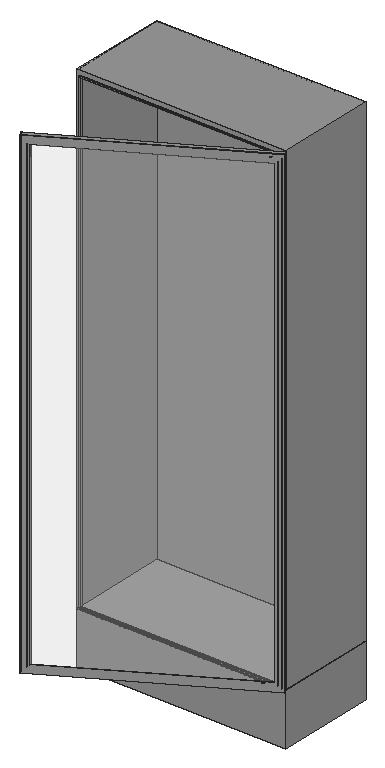
Revit family "Hager-Univers-IP55-D400-H2050-Cl.II-Steel_encl-NoHosted-PT-pt", category Electrical Equipment, Revit 2020
Family settings
  Panel Configuration = Two Columns, Circuits Across
  Round Connector Dimension = Use Diameter
  Part Type = Panelboard
  Work Plane-Based = Yes
  Always vertical = Yes
  Cut with Voids When Loaded = No
  Shared = No
  Room Calculation Point = No
Parameters (values of type "Instalação de piso IP55 L800 A2050 P400  - FR23U2")
  Width Control [instance] = if([EF000008 - Largura] > Min Width, [EF000008 - Largura], Min Width)  # 800 mm
  Type Comments = [HG000003 - Gama]  # "Univers"
  Thickness Door [instance] = if([EF009171 - Espessura do material da porta/tampa] > 3 mm, 3 mm, [EF009171 - Espessura do material da porta/tampa])  # 1.5 mm
  Seal Frame Offset [instance] = 17 mm  # constant formula
  Plinth Visibility [instance] = [HG000027 - Altura da Plinta] > 0 mm  # yes
  Min Width [instance] = 100 mm  # constant formula
  Min Depth [instance] = (2 * [EF009170 - Espessura do material do invólucro]) + 1 mm  # 4 mm
  Min Height [instance] = 100 mm  # constant formula
  Internal Frame Depth [instance] = (Door System Depth * 0.5)  # 9 mm
  Panel Name [instance] = ""  # (empty or 0)
  Model = ""
  HG000027 - Altura da Plinta = 200 mm
  HG000026 - Instalação no chão = yes
  HG000024 - Altura da secção inferior = 600 mm
  HG000023 - Recinto de secção dupla = no
  HG000016 - Visibilidade da porta 3D [instance] = yes
  HG000015 - Visibilidade através da porta [instance] = no
  HG000014 - Porta à direita [instance] = yes
  HG000013 - Porta à esquerda [instance] = not([HG000014 - Porta à direita])  # no
  HG000012 - Ângulo de abertura de porta [instance] = 30.00°
  HG000010 - Portas assimétricas = no
  HG000009 - Porta dupla = no
  HG000006 - Encastrado = no
  HG000004 - Referência do Fabricante = "FR23U2"
  HG000003 - Gama = "Univers"
  HG000002 - Com porta ou tampa = yes
  Frame Offset Bottom [instance] = 10 mm  # constant formula
  Frame Offset [instance] = 15 mm  # constant formula
  EF015940 - Tampa com libertação de sobrepressão = no
  EF011959 - Grau de proteção (NEMA) = ""
  EF009554 - Número de aberturas para placas de flange = 6
  EF009212 - Tipo de tampa = "EV000116 - Fechado"
  EF009171 - Espessura do material da porta/tampa = 1.5 mm
  EF009170 - Espessura do material do invólucro = 1.5 mm
  EF008873 - Corrente nominal (In) = 800 A
  EF007800 - Adequado para proteção contra raios = no
  EF006306 - Com fecho = no
  EF006244 - Tampa/porta transparente = yes
  EF005474 - Grau de proteção (IP) = "EV006420 - IP55"
  EF004464 - Tipo de porta = "EV002646 - Único"
  EF004427 - Número de módulos = 432
  EF004293 - Força de impacto = "EV008784 - IK10"
  EF003532 - Adequado para uso no exterior = no
  EF002950 - Largura em número de módulos = 24
  EF001613 - Integridade do circuito = "EV000494 - Nenhum"
  EF001596 - Material do corpo = "EV000179 - Aço"
  EF001131 - Profundidade interior = 400 mm
  EF001088 - Extensão possível = yes
  EF000437 - Número de entradas de condutores = 6
  EF000339 - Tipo de difusor = "EV004216 - Porta"
  EF000266 - Número de linhas = 12
  EF000218 - Profundidade incorporada = 0 mm
  EF000118 - Com tampa de montagem = no
  EF000116 - Número RAL = "7035"
  EF000049 - Profundidade = 400 mm
  EF000040 - Altura = 2050 mm
  EF000008 - Largura = 800 mm
  EF000007 - Cor = "EV000270 - Cinzento"
  EF000003 - Método de montagem = "EV012274 - Instalação de piso"
  Door System Leaf Tolerance [instance] = 1.5 mm  # constant formula
  Door System Depth [instance] = 18 mm  # constant formula
  Door Height [instance] = Height Control - [HG000027 - Altura da Plinta]  # 1850 mm
  Description = ""
  Default Elevation = 1219.2 mm
  Connector Offset [instance] = Height Control / 2  # 1025 mm
  Manufacturer = "Hager"  # constant formula
  Height Control [instance] = if([EF000040 - Altura] > Min Height, [EF000040 - Altura], Min Height)  # 2050 mm
  Depth Control [instance] = if([EF000049 - Profundidade] > Min Depth, [EF000049 - Profundidade], Min Depth)  # 400 mm
  Bottom Top Plate Trim [instance] = 1.5 mm  # constant formula
  Plinth height Ctrl [instance] = if([HG000027 - Altura da Plinta] > 0 mm, [HG000027 - Altura da Plinta], 12 mm)  # 200 mm
Types (11, lengths in mm): name | Width Control | HG000010 - Portas assimétricas | HG000009 - Porta dupla | HG000004 - Referência do Fabricante | EF009554 - Número de aberturas para placas de flange | EF006244 - Tampa/porta transparente | EF004464 - Tipo de porta | EF004427 - Número de módulos | EF000437 - Número de entradas de condutores | EF000008 - Largura
  Instalação de piso IP55 L1050 A2050 P400  - FR24H2 | 1050 | yes | yes | "FR24H2" | 8 | no | "EV003602 - Duplo" | 576 | 8 | 1050
  Instalação de piso IP55 L1050 A2050 P400  - FR24U2 | 1050 | yes | yes | "FR24U2" | 8 | yes | "EV003602 - Duplo" | 576 | 8 | 1050
  Instalação de piso IP55 L1300 A2050 P400  - FR25H2 | 1300 | yes | yes | "FR25H2" | 10 | no | "EV003602 - Duplo" | 720 | 10 | 1300
  Instalação de piso IP55 L1300 A2050 P400  - FR25U2 | 1300 | yes | yes | "FR25U2" | 10 | yes | "EV003602 - Duplo" | 720 | 10 | 1300
  Instalação de piso IP55 L1550 A2050 P400  - FR26H2 | 1550 | yes | yes | "FR26H2" | 12 | no | "EV003602 - Duplo" | 864 | 12 | 1550
  Instalação de piso IP55 L1550 A2050 P400  - FR26U2 | 1550 | yes | yes | "FR26U2" | 12 | yes | "EV003602 - Duplo" | 864 | 12 | 1550
  Instalação de piso IP55 L300 A2050 P400  - FR21H2 | 300 | no | no | "FR21H2" | 2 | no | "EV002646 - Único" | 144 | 2 | 300
  Instalação de piso IP55 L550 A2050 P400  - FR22H2 | 550 | no | no | "FR22H2" | 4 | no | "EV002646 - Único" | 288 | 4 | 550
  Instalação de piso IP55 L550 A2050 P400  - FR22U2 | 550 | no | no | "FR22U2" | 4 | yes | "EV002646 - Único" | 288 | 4 | 550
  Instalação de piso IP55 L800 A2050 P400  - FR23H2 | 800 | no | no | "FR23H2" | 6 | no | "EV002646 - Único" | 432 | 6 | 800
  Instalação de piso IP55 L800 A2050 P400  - FR23U2 | 800 | no | no | "FR23U2" | 6 | yes | "EV002646 - Único" | 432 | 6 | 800
Reference planes
  plane 1 "Center (Front/Back)": y = 0
  plane 2: z = 0
  plane 3 "Center (Left/Right)": x = 0
  plane 4: y = 0
  plane 5: y = 0
  plane 6: z = 0
  plane 7: x = -400
  plane 8: x = 400
  plane 9: x = 398.5
  plane 10: x = -398.5
  plane 11: z = 200
  plane 12: z = 201.5
  plane 13: y = -400
  plane 14: y = -1.5
  plane 15: x = 0
  plane 16: y = -382
  plane 17: y = -398.5
  plane 18: y = -380.5
  plane 19: x = -383.5
  plane 20: x = 383.5
  plane 21: z = 211.5
  plane 22: x = -383
  plane 23: x = 383
  plane 24: z = 200
  plane 25: z = 2050
  plane 26: z = 2050
  plane 27: z = 2033.5
  plane 28: z = 2048.5
Forms (mm)
  Extrusion 1, solid, material "Hager_Steel_RAL7035_Light_Grey", detail levels medium+fine
    sketch origin (-208.679, -4572, 200) x (-1, 0, 0) y (0, -1, 0)
      loop
        line (191.321, -4190) -> (-608.679, -4190) -> (-608.679, -4572) -> (191.321, -4572) -> (191.321, -4190)
    from 0 to 1850
  Extrusion 2, void
    sketch origin (-350.771, -400, 1219.2) x (1, 0, 0) y (0, 0, 1)
      loop
        line (-47.729, 829.3) -> (-47.729, -1017.7) -> (749.271, -1017.7) -> (749.271, 829.3) -> (-47.729, 829.3)
    from -19.5 to -398.5
  Extrusion 3, void
    sketch origin (-290.084, -382, 1219.2) x (1, 0, 0) y (0, 0, 1)
      loop
        line (-93.416, -1007.7) -> (673.584, -1007.7) -> (673.584, 814.3) -> (-93.416, 814.3) -> (-93.416, -1007.7)
    from 0 to -1.5
  Extrusion 4, solid, material "Hager_Steel_RAL7035_Light_Grey", visible <- "Plinth Visibility", detail levels medium+fine
    sketch origin (0, 0, 0) x (1, 0, 0) y (0, 1, 0)
      loop
        line (-400, 0) -> (-400, -382) -> (400, -382) -> (400, 0) -> (-400, 0)
    from 0 to 200 <- "Plinth height Ctrl"
  Extrusion 5, solid, material "Hager_Steel_RAL7035_Light_Grey", detail levels coarse
    sketch origin (0, 0, 0) x (1, 0, 0) y (0, 1, 0)
      loop
        line (-400, 0) -> (-400, -400) -> (400, -400) -> (400, 0) -> (-400, 0)
    from 0 to 2050 <- "Height Control"
  Sweep 6, void
    path in 3D
      loop
        line (-400, -382, 200) -> (400, -382, 200) -> (400, 0, 200) -> (-400, 0, 200) -> (-400, -382, 200)
    profile origin (-400, -191, 200) x (1, 0, 0) y (0, 0, 1)
      loop
        line (0, 0) -> (0, -1.5) -> (1.5, -1.5)
        arc (1.5, -1.5) -> (1.061, -0.439) -> (0, 0) r 1.5
  Extrusion 7, solid, material "Hager_Steel_RAL7035_Light_Grey", detail levels fine
    sketch origin (-400, -382, 200) x (1, 0, 0) y (0, 0, 1)
      loop
        line (16.5, 11.5) -> (783.5, 11.5) -> (783.5, 1833.5) -> (16.5, 1833.5) -> (16.5, 11.5)
      loop
        line (15, 10) -> (785, 10) -> (785, 1835) -> (15, 1835) -> (15, 10)
    from 0 to 9 <- "Internal Frame Depth"
Cuts and joins
  Extrusion 2, Extrusion 3 cuts Extrusion 1
  Sweep 6 cuts Extrusion 4
Lines and regions (mm)
  Masking region 1
    outline origin (0, 0, 0) x (1, 0, 0) y (0, 1, 0)
      loop
        line (-400, 0) -> (-400, -400) -> (400, -400) -> (400, 0) -> (-400, 0)
  Masking region 2, detail levels coarse
    outline origin (-290.084, -382, 1219.2) x (-1, 0, 0) y (0, 0, 1)
      loop
        line (-690.084, -1219.2) -> (109.916, -1219.2) -> (109.916, 830.8) -> (-690.084, 830.8) -> (-690.084, -1219.2)
  Masking region 3, detail levels coarse
    outline origin (0, 0, 0) x (0, 1, 0) y (0, 0, 1)
      loop
        line (0, 0) -> (0, 2050) -> (-400, 2050) -> (-400, 0) -> (0, 0)
  Masking region 4, visible <- "Plinth Visibility", detail levels medium+fine
    outline origin (0, 0, 0) x (0, 1, 0) y (0, 0, 1)
      loop
        line (-1.5, 200) -> (-380.5, 200)
        arc (-380.5, 200) -> (-380.939, 198.939) -> (-382, 198.5) r 1.5
        line (-382, 198.5) -> (-382, 0) -> (0, 0) -> (0, 198.5)
        arc (0, 198.5) -> (-1.061, 198.939) -> (-1.5, 200) r 1.5
  Masking region 5, detail levels medium+fine
    outline origin (0, 0, 594.038) x (0, 1, 0) y (0, 0, 1)
      loop
        line (0, -394.038) -> (0, 1455.962) -> (-382, 1455.962) -> (-382, -394.038) -> (0, -394.038)
  Masking region 6, detail levels medium+fine
    outline origin (-359.7, -382, 1211.883) x (-1, 0, 0) y (0, 0, 1)
      loop
        line (-759.7, -1011.883) -> (40.3, -1011.883) -> (40.3, 838.117) -> (-759.7, 838.117) -> (-759.7, -1011.883)
  Masking region 7, visible <- "Plinth Visibility", detail levels medium+fine
    outline origin (-320.334, -382, 1041.368) x (-1, 0, 0) y (0, 0, 1)
      loop
        line (-720.334, -1041.368) -> (79.666, -1041.368) -> (79.666, -842.868)
        arc (79.666, -842.868) -> (78.606, -842.429) -> (78.166, -841.368) r 1.5
        line (78.166, -841.368) -> (-718.834, -841.368)
        arc (-718.834, -841.368) -> (-719.273, -842.429) -> (-720.334, -842.868) r 1.5
        line (-720.334, -842.868) -> (-720.334, -1041.368)
  sketch lines
    curve 1: line (-400, 0, 200) -> (-400, -382, 200)
    curve 2: line (-400, -382, 200) -> (400, -382, 200)
    curve 3: line (400, 0, 200) -> (-400, 0, 200)
    curve 4: line (400, -382, 200) -> (400, 0, 200)
Dimensions and locks
  locked: plane 1 "Center (Front/Back)" to plane 5
  "EF009170 - Espessura do material do invólucro": plane 7 to plane 10
  "EF009170 - Espessura do material do invólucro": plane 8 to plane 9
  equal spacing: plane 7, plane 3 "Center (Left/Right)", plane 8
  "Width Control": plane 7 to plane 8
  "Depth Control": plane 4 to plane 13
  "EF009170 - Espessura do material do invólucro": plane 4 to plane 14
  "Height Control": plane 25 to level
  "HG000027 - Altura da Plinta": plane 11 to level
  "EF009170 - Espessura do material do invólucro": plane 12 to plane 11
  "EF009170 - Espessura do material do invólucro": plane 17 to plane 13
  "EF009170 - Espessura do material do invólucro": plane 18 to plane 16
  "Frame Offset Bottom": plane 21 to plane 12
  "Frame Offset": plane 10 to plane 19
  "Frame Offset": plane 9 to plane 20
  "Door System Depth": plane 16 to plane 13
  "Seal Frame Offset": plane 7 to plane 22
  "Seal Frame Offset": plane 8 to plane 23
  "EF009170 - Espessura do material do invólucro": plane 26 to plane 28
  "Frame Offset": plane 28 to plane 27
  "Connector Offset": plane 2 to connector elem
  "Bottom Top Plate Trim": profile plane to Sweep 6 sketch curve
  "Bottom Top Plate Trim": Sweep 6 sketch curve to Sweep 6 sketch curve
  "Plinth height Ctrl": Masking region 4 sketch curve to level
  "Plinth height Ctrl": Masking region 7 sketch curve to level
  "Thickness Door": Extrusion 7 sketch curve to Extrusion 7 sketch curve  (x4)
  "Bottom Top Plate Trim": radius of Sweep 6 sketch curve
  "Bottom Top Plate Trim": radius of Masking region 4 sketch curve  (x2)
  "Bottom Top Plate Trim": radius of Masking region 7 sketch curve  (x2)
  aligned and locked: Extrusion 2 sketch curve to plane 12
  aligned and locked: Extrusion 2 sketch curve to plane 9
  aligned and locked: Extrusion 2 sketch curve to plane 10
  aligned and locked: Extrusion 2 to plane 14
  aligned and locked: Extrusion 1 sketch curve to plane 4
  aligned and locked: plane 8 to Extrusion 1 sketch curve
  aligned and locked: plane 7 to Extrusion 1 sketch curve
  aligned and locked: Extrusion 2 to plane 18
  aligned and locked: Extrusion 3 sketch curve to plane 19
  aligned and locked: plane 20 to Extrusion 3 sketch curve
  aligned and locked: Extrusion 3 to Extrusion 2
  aligned and locked: Extrusion 3 sketch curve to plane 21
  aligned and locked: plane 3 "Center (Left/Right)" to nested 1
  aligned and locked: Extrusion 1 sketch curve to plane 16
  aligned and locked: Extrusion 4 sketch curve to cut or joined group of Extrusion 1, Extrusion 2, Extrusion 3
  aligned and locked: Masking region 1 sketch curve to plane 7
  aligned and locked: Masking region 1 sketch curve to plane 5
  aligned and locked: Masking region 1 sketch curve to plane 8
  aligned and locked: Masking region 2 sketch curve to level
  aligned and locked: level to Masking region 3 sketch curve
  aligned and locked: plane 1 "Center (Front/Back)" to Masking region 3 sketch curve
  aligned and locked: plane 13 to Masking region 3 sketch curve
  aligned and locked: plane 5 to Masking region 4 sketch curve
  aligned and locked: Masking region 2 sketch curve to plane 8
  aligned and locked: Masking region 2 sketch curve to plane 7
  aligned and locked: plane 7 to nested 2
  aligned and locked: nested 2 to plane 5
  aligned and locked: plane 5 to Masking region 5 sketch curve
  aligned and locked: plane 26 to Masking region 5 sketch curve
  aligned and locked: Extrusion 5 sketch curve to plane 8
  aligned and locked: Extrusion 5 sketch curve to plane 7
  aligned and locked: Extrusion 5 sketch curve to plane 5
  aligned and locked: Extrusion 3 sketch curve to plane 27
  aligned and locked: Extrusion 2 sketch curve to plane 28
  aligned and locked: Masking region 2 to plane 25
  aligned and locked: Extrusion 4 to plane 16
  aligned and locked: profile plane to Sweep 6 sketch curve
  aligned and locked: Masking region 5 sketch curve to plane 24
  aligned and locked: level to Masking region 4 sketch curve
  aligned and locked: Masking region 1 to plane 13
  aligned and locked: nested 1 to plane 16
  aligned and locked: Masking region 3 to plane 25
  aligned and locked: plane 16 to Masking region 4 sketch curve
  aligned and locked: Masking region 5 sketch curve to plane 16
  aligned and locked: plane 24 to plane 11
  aligned and locked: plane 26 to plane 25
  aligned and locked: plane 26 to cut or joined group of Extrusion 1, Extrusion 2, Extrusion 3
  aligned and locked: nested 1 to plane 24
  aligned and locked: Extrusion 1 to Extrusion 3
  aligned and locked: Masking region 6 sketch curve to plane 8
  aligned and locked: Masking region 6 sketch curve to plane 24
  aligned and locked: Masking region 6 sketch curve to plane 7
  aligned and locked: Masking region 6 sketch curve to plane 26
  aligned and locked: Masking region 7 sketch curve to plane 7
  aligned and locked: level to Masking region 7 sketch curve
  aligned and locked: Masking region 7 sketch curve to plane 8
  aligned and locked: Extrusion 7 sketch curve to cut or joined group of Extrusion 1, Extrusion 2, Extrusion 3  (x4)
Automatic sketch dimensions
  plane 19 to Extrusion 3 sketch curve = 0 mm
  Extrusion 3 sketch curve to plane 20 = 0 mm
  Extrusion 3 sketch curve to plane 21 = 0 mm
  Extrusion 4 sketch curve to plane 7 = 0 mm
  Extrusion 4 sketch curve to plane 8 = 0 mm
  Extrusion 4 sketch curve to plane 16 = 0 mm
  Masking region 1 sketch curve to plane 13 = 0 mm
  Masking region 2 sketch curve to plane 25 = 0 mm
  Masking region 3 sketch curve to plane 25 = 0 mm
  Extrusion 5 sketch curve to plane 13 = 0 mm
  profile plane to Sweep 6 sketch curve = 0 mm
Nested families
  nested 1: "EC000058_Univers_Door" at (0, -382, 200), Double <- "HG000009 - Porta dupla", Transparent <- "EF006244 - Tampa/porta transparente", Angle <- "HG000012 - Ângulo de abertura de porta", Door_Right <- "HG000014 - Porta à direita", Assymetrical <- "HG000010 - Portas assimétricas", Door <- "HG000002 - Com porta ou tampa", Width_Ctrl <- "Width Control", 3d_Door <- "HG000016 - Visibilidade da porta 3D", Clearance <- "HG000015 - Visibilidade através da porta", Door_Left <- "HG000013 - Porta à esquerda", Width <- "Width Control", Door_Depth <- "Door System Depth", Leaf_Tolerance <- "Door System Leaf Tolerance", Height <- "Door Height", Lock_Visibility <- "EF006306 - Com fecho", Thickness <- "Thickness Door", type "EC000058_Univers_Door", detail levels medium+fine
    with min_wh 4 mm, Width_Ctrl 800 mm, Width 800 mm, Transparent yes, Thickness 1.5 mm, Seal_Material Hager_Rubber, Lock_Visibility no, Lock_Material Hager_Plastic_RAL9005_Jet_Black, Leaf_Width 800 mm, Leaf_Tolerance_External_Sides 0 mm, Leaf_Tolerance 1.5 mm, Leaf_Offset 0 mm, Leaf_Height 1847 mm, Leaf_2_Width 800 mm, Leaf_2_Offset 400 mm, Leaf_1_Width 800 mm, Leaf_1_Offset 400 mm, Height_Ctrl 1850 mm, Height 1850 mm, Glass_Material Hager_Glass, Double_Clearance_Ctrl no, Double no, Door_Right_Ctrl yes, Door_Right yes, Door_Material Hager_Steel_RAL7035_Light_Grey, Door_Left_Ctrl no, Door_Left no, Door_Depth 18 mm, Door yes, Clearance_Material Hager_Clearance, Clearance_Depth 800 mm, Clearance_Ctrl no, Clearance no, Assymetrical no, Angle 30.00°, 3d_Door yes
  nested 2: "Hager_Enclosure_Symbol" at (-400, 0, 0), Height <- "Depth Control", Width <- "Width Control", type "Hager_Enclosure_Symbol"
    with Width_Ctrl 800 mm, Width 800 mm, Height_Ctrl 400 mm, Height 400 mm, A_Width_Int 26.25 mm, A_Width 315 mm, A_Height_Ctrl 350 mm, A_Height 350 mm
Connectors
  electrical at (0, 0, 1025)
    settings: on plane 1 "Center (Front/Back)", index 1, voltage 0 V, apparent load 0 VA, apparent load phase1 0 VA, apparent load phase2 0 VA, apparent load phase3 0 VA, power factor 1, load classification "Other", number of poles 1, system type 30, power factor state 1, is connector primary yes, connector utility no, sub classification motor no, connector description ""
Definition of nested family "EC000058_Univers_Door"
  Parameters (values of type "EC000058_Univers_Door")
    min_wh [instance] = (2 * Thickness) + 1 mm  # 11 mm
    Width_Ctrl [instance] = 400 mm
    Width [instance] = 500 mm
    Transparent [instance] = yes
    Thickness [instance] = 5 mm
    Seal_Material [instance] = none
    Lock_Visibility [instance] = yes
    Lock_Material [instance] = none
    Leaf_Width [instance] = if((Width_Ctrl - 2 * Leaf_Tolerance_External_Sides) > 0 mm, (Width_Ctrl - 2 * Leaf_Tolerance_External_Sides), min_wh)  # 400 mm
    Leaf_Tolerance_External_Sides [instance] = 0 mm  # constant formula
    Leaf_Tolerance [instance] = 1.5 mm
    Leaf_Offset [instance] = 0 mm  # constant formula
    Leaf_Height [instance] = if((Height_Ctrl - 2 * Leaf_Tolerance) > 0 mm, (Height_Ctrl - 2 * Leaf_Tolerance), min_wh)  # 497 mm
    Leaf_2_Width [instance] = if(and(and(Double, Assymetrical), Door_Left), (Leaf_Width / 3) - (Leaf_Tolerance / 2), if(and(and(Double, Assymetrical), Door_Right), (Leaf_Width / 3) * 2 - (Leaf_Tolerance / 2), if(and(Double, not(Assymetrical)), (Leaf_Width / 2) - Leaf_Tolerance, Leaf_Width)))  # 400 mm
    Leaf_2_Offset [instance] = if(and(Double, Assymetrical), Leaf_2_Width / 2, if(and(Double, not(Assymetrical)), Leaf_Width / 4, Leaf_Width / 2))  # 200 mm
    Leaf_1_Width [instance] = if(and(and(Double, Assymetrical), Door_Right), (Leaf_Width / 3) - (Leaf_Tolerance / 2), if(and(and(Double, Assymetrical), Door_Left), (Width / 3) * 2 - (Leaf_Tolerance / 2), if(and(Double, not(Assymetrical)), (Leaf_Width / 2) - Leaf_Tolerance, Leaf_Width)))  # 400 mm
    Leaf_1_Offset [instance] = if(and(Double, Assymetrical), Leaf_1_Width / 2, if(and(Double, not(Assymetrical)), Leaf_Width / 4, Leaf_Width / 2))  # 200 mm
    Height_Ctrl [instance] = if(Height > min_wh, Height, min_wh)  # 500 mm
    Height [instance] = 500 mm
    Glass_Material [instance] = none
    Double_Clearance_Ctrl [instance] = and(Double, Clearance)  # no
    Double [instance] = no
    Door_Right_Ctrl [instance] = and(or(Door_Right, Double), Door)  # yes
    Door_Right [instance] = yes
    Door_Material [instance] = none
    Door_Left_Ctrl [instance] = and(or(Door_Left, Double), Door)  # no
    Door_Left [instance] = no
    Door_Depth [instance] = 30 mm
    Door [instance] = yes
    Default Elevation = 1219.2 mm
    Clearance_Material [instance] = none
    Clearance_Depth [instance] = if(Leaf_1_Width > Leaf_2_Width, Leaf_1_Width, Leaf_2_Width)  # 400 mm
    Clearance_Ctrl [instance] = and(not(Double), Clearance)  # yes
    Clearance [instance] = yes
    Assymetrical [instance] = yes
    Angle [instance] = 30.00°
    3d_Door [instance] = yes
  Reference planes
    plane 1 "Center (Front/Back)": y = 0
    plane 2 "Bottom": z = 0
    plane 3 "Center (Left/Right)": x = 0
    plane 4: z = 500
    plane 5: x = -200
    plane 6: x = 200
    plane 7: z = 500
    plane 8: x = -200
    plane 9: z = 0
    plane 10: x = 200
    plane 11: y = 0
    plane 12: z = 1.5
    plane 13: x = -600
    plane 14: y = -400
    plane 15: x = 600
    plane 16: x = 0
    plane 17: x = 0
    plane 18: x = -200
    plane 19: x = 200
    plane 20: z = 498.5
  Forms (mm)
    Extrusion 1, solid, material <- "Clearance_Material", visible <- "Double_Clearance_Ctrl"
      sketch origin (1200, 0, 0) x (1, 0, 0) y (0, 0, -1)
        loop
          line (-1800, -498.5) -> (-600, -498.5) -> (-600, 0) -> (-1800, 0) -> (-1800, -498.5)
      from 0 to -400
  Dimensions and locks
    equal spacing: plane 5, plane 3 "Center (Left/Right)", plane 6
    "Width_Ctrl": plane 5 to plane 6
    "Leaf_Offset": plane 5 to plane 8
    "Leaf_Offset": plane 6 to plane 10
    "Leaf_Offset": plane 9 to level
    "Leaf_Offset": plane 4 to plane 7
    "Height_Ctrl": plane 4 to level
    "Leaf_Tolerance": plane 12 to plane 9
    locked: plane 11 to plane 1 "Center (Front/Back)"
    "Leaf_1_Offset": plane 18 to plane 16
    "Leaf_2_Offset": plane 17 to plane 19
    "Leaf_1_Width": plane 13 to plane 8
    "Leaf_2_Width": plane 10 to plane 15
    "Clearance_Depth": plane 14 to plane 1 "Center (Front/Back)"
    "Leaf_Tolerance_External_Sides": plane 8 to plane 18
    "Leaf_Tolerance_External_Sides": plane 19 to plane 10
    "Leaf_Tolerance": plane 7 to plane 20
    aligned and locked: level to plane 2 "Bottom"
    aligned and locked: nested 1 to plane 16
    aligned and locked: nested 2 to plane 17
    aligned and locked: Extrusion 1 to plane 13
    aligned and locked: plane 15 to Extrusion 1
    aligned and locked: Extrusion 1 to plane 14
    aligned and locked: plane 12 to nested 1
    aligned and locked: nested 2 to plane 12
    aligned and locked: Extrusion 1 to plane 11
    aligned and locked: plane 20 to Extrusion 1
    aligned and locked: nested 2 to plane 11
    aligned and locked: nested 1 to plane 11
  Automatic sketch dimensions
    Extrusion 1 sketch curve to level = 0 mm
    plane 5 to Extrusion 1 sketch curve = 400 mm
    plane 6 to Extrusion 1 sketch curve = 400 mm
    Extrusion 1 sketch curve to plane 4 = 1.5 mm
  Nested families
    nested 1: "EC000058_Univers_Door_Leaf" at (0, 0, 1.5), Width <- "Leaf_1_Width", visible <- "Door_Left_Ctrl", Leaf_Height <- "Leaf_Height", Angle <- "Angle", 3d_Door <- "3d_Door", Transparent <- "Transparent", Clearance Material <- "Clearance_Material", Clearance <- "Clearance_Ctrl", Door_Material <- "Door_Material", Glass_Material <- "Glass_Material", Door_Depth <- "Door_Depth", Lock_Material <- "Lock_Material", Seal_Material <- "Seal_Material", Lock_Visibility <- "Lock_Visibility", Thickness <- "Thickness", type "EC000058_Univers_Door_Leaf"
      with Width 400 mm, Transparent_Glass_Offset 30 mm, Transparent_Ctrl yes, Transparent yes, Thickness 5 mm, Standard no, Seal_Material none, Seal_D2 8 mm, Seal_D1 1 mm, Offset_Internal_Frame 10 mm, Lock_Width 20 mm, Lock_Visibility_3d yes, Lock_Visibility yes, Lock_Thickness_3 3 mm, Lock_Thickness_2 1 mm, Lock_Thickness_1 3 mm, Lock_Radius_Offset_2 16 mm, Lock_Radius_Offset_1 15 mm, Lock_Radius_2 5 mm, Lock_Radius 6 mm, Lock_Offset 5 mm, Lock_Material none, Lock_Height 80 mm, Lock_Cover_Top_Offset_2d 17 mm, Lock_Cover_Height -65 mm, Leaf_Height 497 mm, Internal_Seal_Thickness 8 mm, Internal_Seal_Depth_2 4.5 mm, Internal_Frame_Depth 25 mm, Glass_Thickness -1 mm, Glass_Offset -2 mm, Glass_Material none, Door_Material none, Door_Depth 30 mm, Clearance Material none, Clearance yes, Angle_Ctrl 30.00°, Angle 30.00°, 3d_Door yes
    nested 2: "EC000058_Univers_Door_Leaf" at (0, 0, 1.5) x (-1, 0, 0) z (0, 0, 1), Width <- "Leaf_2_Width", visible <- "Door_Right_Ctrl", Leaf_Height <- "Leaf_Height", Angle <- "Angle", 3d_Door <- "3d_Door", Transparent <- "Transparent", Clearance Material <- "Clearance_Material", Clearance <- "Clearance_Ctrl", Door_Material <- "Door_Material", Glass_Material <- "Glass_Material", Door_Depth <- "Door_Depth", Lock_Material <- "Lock_Material", Seal_Material <- "Seal_Material", Lock_Visibility <- "Lock_Visibility", Thickness <- "Thickness", type "EC000058_Univers_Door_Leaf"
      with Width 400 mm, Transparent_Glass_Offset 30 mm, Transparent_Ctrl yes, Transparent yes, Thickness 5 mm, Standard no, Seal_Material none, Seal_D2 8 mm, Seal_D1 1 mm, Offset_Internal_Frame 10 mm, Lock_Width 20 mm, Lock_Visibility_3d yes, Lock_Visibility yes, Lock_Thickness_3 3 mm, Lock_Thickness_2 1 mm, Lock_Thickness_1 3 mm, Lock_Radius_Offset_2 16 mm, Lock_Radius_Offset_1 15 mm, Lock_Radius_2 5 mm, Lock_Radius 6 mm, Lock_Offset 5 mm, Lock_Material none, Lock_Height 80 mm, Lock_Cover_Top_Offset_2d 17 mm, Lock_Cover_Height -65 mm, Leaf_Height 497 mm, Internal_Seal_Thickness 8 mm, Internal_Seal_Depth_2 4.5 mm, Internal_Frame_Depth 25 mm, Glass_Thickness -1 mm, Glass_Offset -2 mm, Glass_Material none, Door_Material none, Door_Depth 30 mm, Clearance Material none, Clearance yes, Angle_Ctrl 30.00°, Angle 30.00°, 3d_Door yes
  Definition of nested family "EC000058_Univers_Door_Leaf"
    Parameters (values of type "EC000058_Univers_Door_Leaf")
      Width [instance] = 2000 mm
      Transparent_Glass_Offset [instance] = 30 mm
      Transparent_Ctrl [instance] = and(Transparent, [3d_Door])  # yes
      Transparent [instance] = yes
      Thickness [instance] = 5 mm
      Standard [instance] = and(not(Transparent), [3d_Door])  # no
      Seal_Material [instance] = none
      Seal_D2 [instance] = 8 mm  # constant formula
      Seal_D1 [instance] = 1 mm  # constant formula
      Offset_Internal_Frame [instance] = 10 mm  # constant formula
      Lock_Width [instance] = 20 mm  # constant formula
      Lock_Visibility_3d [instance] = and(Lock_Visibility, [3d_Door])  # yes
      Lock_Visibility [instance] = yes
      Lock_Thickness_3 [instance] = 3 mm  # constant formula
      Lock_Thickness_2 [instance] = 1 mm  # constant formula
      Lock_Thickness_1 [instance] = 3 mm  # constant formula
      Lock_Radius_Offset_2 [instance] = Lock_Radius_Offset_1 + 1 mm  # 16 mm
      Lock_Radius_Offset_1 [instance] = 15 mm  # constant formula
      Lock_Radius_2 [instance] = Lock_Radius - 1 mm  # 5 mm
      Lock_Radius [instance] = 6 mm  # constant formula
      Lock_Offset [instance] = 5 mm  # constant formula
      Lock_Material [instance] = none
      Lock_Height [instance] = 80 mm  # constant formula
      Lock_Cover_Top_Offset_2d [instance] = Lock_Radius_Offset_2 + 1 mm  # 17 mm
      Lock_Cover_Height [instance] = -(Lock_Height - Lock_Radius_Offset_1)  # -65 mm
      Leaf_Height [instance] = 2720.336 mm
      Internal_Seal_Thickness [instance] = 8 mm  # constant formula
      Internal_Seal_Depth_2 [instance] = 4.5 mm  # constant formula
      Internal_Frame_Depth [instance] = if(Door_Depth - Thickness > 5 mm, Door_Depth - Thickness, 5 mm)  # 25 mm
      Glass_Thickness [instance] = if(Thickness > 15 mm, Glass_Offset + 10 mm, -1 mm)  # -1 mm
      Glass_Offset [instance] = if(Thickness > 15 mm, -(Thickness + 10 mm) / 2, -2 mm)  # -2 mm
      Glass_Material [instance] = none
      Door_Material [instance] = none
      Door_Depth [instance] = 30 mm
      Default Elevation = 0 mm
      Clearance Material [instance] = none
      Clearance [instance] = yes
      Angle_Ctrl [instance] = if(Angle > 180.00°, 180.00°, Angle)  # 90.00°
      Angle [instance] = 90.00°
      3d_Door [instance] = yes
    Reference planes
      plane 1 "Center (Front/Back)": y = 0
      plane 2: z = 0
      plane 3 "Center (Left/Right)": x = 0
      plane 4: y = 2000
      plane 5: x = -1000
      plane 6: x = 1000
      plane 7: x = -3000
      plane 8: z = 2720.336
      plane 9: z = 30
      plane 10: z = 2690.336
      plane 11: x = 970
      plane 12: x = -970
      plane 13: y = -3
      plane 14: z = 107.833
      plane 15: y = -5
      plane 16: y = -223.314
      plane 17: x = -1000
      plane 18: z = 1360.168
      plane 19: y = 30
    Forms (mm)
      Extrusion 1, solid, material <- "Clearance Material", visible <- "Clearance"
        sketch origin (0, 0, 0) x (1, 0, 0) y (0, 0, 1)
          loop
            line (-3000, 2720.336) -> (-3000, 0) -> (1000, 0) -> (1000, 2720.336) -> (-3000, 2720.336)
        from 0 to -2000
      Extrusion 2, solid, material <- "Door_Material", visible <- "Standard", detail levels medium+fine
        sketch origin (-1000, 0, 0) x (0, 1, 0) y (-1, 0, 0)
          loop
            line (0, 30) -> (0, 25) -> (2000, 25) -> (2000, 30) -> (0, 30)
        from 0 to 2720.336 <- "Leaf_Height"
      Extrusion 3, solid, material <- "Door_Material", visible <- "Transparent_Ctrl", detail levels medium+fine
        sketch origin (-1000, 0, 0) x (0, 1, 0) y (-1, 0, 0)
          loop
            line (0, 25) -> (2000, 25) -> (2000, 30) -> (0, 30) -> (0, 25)
        from 0 to 2720.336 <- "Leaf_Height"
      Extrusion 4, void
        sketch origin (-1025, 2000, 0) x (0, 1, 0) y (0, 0, -1)
          loop
            line (-30, -2690.336) -> (-30, -30) -> (-1970, -30) -> (-1970, -2690.336) -> (-30, -2690.336)
        from 0 to 5 <- "Thickness"
      Sweep 5, solid, material <- "Seal_Material", visible <- "Transparent_Ctrl", detail levels fine
        path in 3D
          loop
            line (-1025, 30, 30) -> (-1025, 30, 2690.336) -> (-1025, 1970, 2690.336) -> (-1025, 1970, 30) -> (-1025, 30, 30)
        profile origin (-1025, 1000, 30) x (1, 0, 0) y (0, 0, 1)
          loop
            line (0, 0) -> (0, -8) -> (1, -8) -> (1, 0) -> (0, 0)
      Extrusion 6, solid, material <- "Glass_Material", visible <- "Transparent_Ctrl", detail levels medium+fine
        sketch origin (-1030, 0, 0) x (0, 1, 0) y (0, 0, -1)
          loop
            line (1970, -2690.336) -> (1970, -30) -> (30, -30) -> (30, -2690.336) -> (1970, -2690.336)
        from -2 <- "Glass_Offset" to -1 <- "Glass_Thickness"
      Extrusion 7, solid, material <- "Door_Material", visible <- "3d_Door", detail levels medium+fine
        sketch origin (-1025, 2000, 0) x (0, -1, 0) y (0, 0, -1)
          loop
            line (0, -2720.336) -> (2000, -2720.336) -> (2000, 0) -> (0, 0) -> (0, -2720.336)
          loop
            line (1995, -5) -> (5, -5) -> (5, -2715.336) -> (1995, -2715.336) -> (1995, -5)
        from 0 to 25 <- "Internal_Frame_Depth"
      Sweep 8, solid, material <- "Seal_Material", visible <- "Transparent_Ctrl", detail levels fine
        path in 3D
          loop
            line (-1025, 0, 0) -> (-1025, 2000, 0) -> (-1025, 2000, 2720.336) -> (-1025, 0, 2720.336) -> (-1025, 0, 0)
        profile origin (-1025, 0, 1360.168) x (1, 0, 0) y (0, 1, 0)
          loop
            line (0, 10) -> (2.975, 10)
            arc (2.975, 10) -> (4.053, 10.447) -> (4.5, 11.525) r 1.525
            line (4.5, 11.525) -> (4.5, 16.527)
            arc (4.5, 16.527) -> (4.069, 17.569) -> (3.027, 18) r 1.473
            line (3.027, 18) -> (0, 18) -> (0, 10)
      Extrusion 9, solid, material <- "Lock_Material", visible <- "Lock_Visibility_3d", detail levels fine
        sketch origin (-1030, 0, 0) x (0, 1, 0) y (0, 0, -1)
          loop
            arc (1993.5, -1400.168) -> (1994.561, -1399.729) -> (1995, -1398.668) r 1.5
            line (1995, -1398.668) -> (1995, -1320.168) -> (1975, -1320.168) -> (1975, -1398.668)
            arc (1975, -1398.668) -> (1975.439, -1399.729) -> (1976.5, -1400.168) r 1.5
            line (1976.5, -1400.168) -> (1993.5, -1400.168)
        from 3 <- "Lock_Thickness_1" to 0
      Blend 10, solid, material <- "Lock_Material", visible <- "Lock_Visibility_3d", detail levels fine
        base sketch origin (-1033, 0, 0) x (0, 1, 0) y (0, 0, -1)
          loop
            line (1975, -1320.168) -> (1975, -1398.668)
            arc (1975, -1398.668) -> (1975.439, -1399.729) -> (1976.5, -1400.168) r 1.5
            line (1976.5, -1400.168) -> (1993.5, -1400.168)
            arc (1993.5, -1400.168) -> (1994.561, -1399.729) -> (1995, -1398.668) r 1.5
            line (1995, -1398.668) -> (1995, -1320.168) -> (1975, -1320.168)
        top sketch origin (-1033, 0, 0) x (0, 1, 0) y (0, 0, -1)
          loop
            line (1976, -1320.168) -> (1976, -1398.668)
            arc (1976, -1398.668) -> (1976.146, -1399.022) -> (1976.5, -1399.168) r 0.5
            line (1976.5, -1399.168) -> (1993.5, -1399.168)
            arc (1993.5, -1399.168) -> (1993.854, -1399.022) -> (1994, -1398.668) r 0.5
            line (1994, -1398.668) -> (1994, -1320.168) -> (1976, -1320.168)
        from 0 to 1 <- "Lock_Thickness_2"
      Blend 11, solid, material <- "Lock_Material", visible <- "Lock_Visibility_3d", detail levels fine
        base sketch origin (-1034, 0, 0) x (0, 1, 0) y (0, 0, -1)
          loop
            line (1978, -1320.168) -> (1978, -1384.168)
            arc (1978, -1384.168) -> (1985, -1391.168) -> (1992, -1384.168) r 7
            line (1992, -1384.168) -> (1992, -1320.168) -> (1978, -1320.168)
        top sketch origin (-1034, 0, 0) x (0, 1, 0) y (0, 0, -1)
          loop
            line (1991, -1320.168) -> (1979, -1320.168) -> (1979, -1383.168)
            arc (1979, -1383.168) -> (1985, -1389.168) -> (1991, -1383.168) r 6
            line (1991, -1383.168) -> (1991, -1320.168)
        from 0 to 3 <- "Lock_Thickness_3"
      Extrusion 12, solid, material <- "Lock_Material", visible <- "Lock_Visibility_3d", detail levels fine
        sketch origin (-1030, 1975, 1320.168) x (1, 0, 0) y (0, -1, 0)
          loop
            line (-7, -19) -> (-7, -1) -> (0, -1) -> (0, 0) -> (-8, 0) -> (-8, -20) -> (0, -20) -> (0, -19) -> (-7, -19)
        from 0 to -65 <- "Lock_Cover_Height"
      Extrusion 13, void
        sketch origin (-1038, 1995, 1320.168) x (-1, 0, 0) y (0, 0, -1)
          loop
            line (-5, -65) -> (0, -65) -> (-5, -60) -> (-5, -65)
        from 0 to 20 <- "Lock_Width"
      Extrusion 14, void
        sketch origin (-1038, 1975, 1320.168) x (0, -1, 0) y (0, 0, -1)
          loop
            circle (-10, -15.995) r 6
          loop
            circle (-10, -15.995) r 5
        from 0 to 2
      Extrusion 15, solid, material <- "Lock_Material", visible <- "Lock_Visibility_3d", detail levels medium
        sketch origin (-1030, 0, 0) x (0, 1, 0) y (0, 0, -1)
          loop
            arc (1993.5, -1400.168) -> (1994.561, -1399.729) -> (1995, -1398.668) r 1.5
            line (1995, -1398.668) -> (1995, -1320.168) -> (1975, -1320.168) -> (1975, -1398.668)
            arc (1975, -1398.668) -> (1975.439, -1399.729) -> (1976.5, -1400.168) r 1.5
            line (1976.5, -1400.168) -> (1993.5, -1400.168)
        from 8 to 0
    Cuts and joins
      Extrusion 4 cuts Extrusion 3
      Extrusion 13, Extrusion 14 cuts Extrusion 9
      Extrusion 14 cuts Blend 11
      Extrusion 13, Extrusion 14 cuts Extrusion 12
      joined: Extrusion 9, Blend 10, Blend 11, Extrusion 12
      Extrusion 14 cuts Extrusion 15
    Lines and regions (mm)
      Masking region 1, visible <- "Lock_Visibility", detail levels fine
        outline origin (0, 0, 0) x (0, 1, 0) y (0, 0, 1)
          loop
            line (30, 1320.168) -> (33, 1320.168) -> (33, 1400.168) -> (30, 1400.168) -> (30, 1320.168)
      Masking region 2, visible <- "Lock_Visibility", detail levels fine
        outline origin (0, 3.143, 0) x (0, 1, 0) y (0, 0, 1)
          loop
            line (29.857, 1354.168) -> (30.857, 1354.168) -> (30.857, 1366.168) -> (29.857, 1366.168) -> (29.857, 1354.168)
      Masking region 3, detail levels medium+fine
        outline origin (0, 0, 0) x (0, 1, 0) y (0, 0, 1)
          loop
            line (0, 0) -> (30, 0) -> (30, 2720.336) -> (0, 2720.336) -> (0, 0)
      Masking region 4, detail levels medium+fine
        outline origin (0, 0, 0) x (1, 0, 0) y (0, 0, 1)
          loop
            line (-1000, 2720.336) -> (-1000, 0) -> (1000, 0) -> (1000, 2720.336) -> (-1000, 2720.336)
      Masking region 5, visible <- "Lock_Visibility", detail levels fine
        outline origin (-47.116, 0, 0) x (1, 0, 0) y (0, 0, 1)
          loop
            arc (1024.616, 1399.168) -> (1023.556, 1398.729) -> (1023.116, 1397.668) r 1.5
            line (1023.116, 1397.668) -> (1023.116, 1320.168) -> (1041.116, 1320.168) -> (1041.116, 1397.668)
            arc (1041.116, 1397.668) -> (1040.677, 1398.729) -> (1039.616, 1399.168) r 1.5
            line (1039.616, 1399.168) -> (1024.616, 1399.168)
      Masking region 6, visible <- "Lock_Visibility", detail levels medium+fine
        outline origin (-25, 0, 0) x (1, 0, 0) y (0, 0, 1)
          loop
            arc (1001.5, 1400.168) -> (1000.439, 1399.729) -> (1000, 1398.668) r 1.5
            line (1000, 1398.668) -> (1000, 1320.168) -> (1020, 1320.168) -> (1020, 1398.668)
            arc (1020, 1398.668) -> (1019.561, 1399.729) -> (1018.5, 1400.168) r 1.5
            line (1018.5, 1400.168) -> (1001.5, 1400.168)
      Masking region 7, visible <- "Lock_Visibility", detail levels fine
        outline origin (-73.735, 0, 0) x (1, 0, 0) y (0, 0, 1)
          loop
            line (1051.735, 1382.168) -> (1065.735, 1382.168) -> (1065.735, 1384.168)
            arc (1065.735, 1384.168) -> (1058.735, 1391.168) -> (1051.735, 1384.168) r 7
            line (1051.735, 1384.168) -> (1051.735, 1382.168)
      Masking region 8, visible <- "Lock_Visibility", detail levels fine
        outline origin (-73.735, 0, 0) x (1, 0, 0) y (0, 0, 1)
          loop
            line (1052.735, 1382.168) -> (1064.735, 1382.168) -> (1064.735, 1383.168)
            arc (1064.735, 1383.168) -> (1058.735, 1389.168) -> (1052.735, 1383.168) r 6
            line (1052.735, 1383.168) -> (1052.735, 1382.168)
      Masking region 9, visible <- "Lock_Visibility", detail levels fine
        outline origin (-25, 0, 0) x (1, 0, 0) y (0, 0, 1)
          loop
            line (1020, 1320.168) -> (1020, 1382.168) -> (1000, 1382.168) -> (1000, 1320.168) -> (1020, 1320.168)
      Masking region 10, detail levels medium+fine
        outline origin (0, 0, 0) x (1, 0, 0) y (0, 0, 1)
          loop
            circle (985, 1335.144) r 6
      Masking region 11, detail levels fine
        outline origin (0, 0, 0) x (1, 0, 0) y (0, 0, 1)
          loop
            circle (985, 1335.144) r 5
      Masking region 12, visible <- "Lock_Visibility", detail levels fine
        outline origin (0, 12.767, 0) x (0, 1, 0) y (0, 0, 1)
          loop
            line (20.233, 1320.168) -> (21.233, 1320.168) -> (21.233, 1399.168) -> (20.233, 1400.168) -> (20.233, 1320.168)
      Masking region 13, visible <- "Lock_Visibility", detail levels fine
        outline origin (0, 13.767, -10) x (0, 1, 0) y (0, 0, 1)
          loop
            line (20.233, 1330.168) -> (23.233, 1330.168) -> (23.233, 1399.168) -> (20.233, 1402.168) -> (20.233, 1330.168)
      Masking region 14, visible <- "Lock_Visibility", detail levels fine
        outline origin (0, 12.767, -10) x (0, 1, 0) y (0, 0, 1)
          loop
            line (20.233, 1330.168) -> (25.233, 1330.168) -> (25.233, 1399.305) -> (20.233, 1394.305) -> (20.233, 1330.168)
      Masking region 15, visible <- "Lock_Visibility", detail levels medium
        outline origin (0, 0, 0) x (0, 1, 0) y (0, 0, 1)
          loop
            line (30, 1320.168) -> (38, 1320.168) -> (38, 1400.168) -> (30, 1400.168) -> (30, 1320.168)
      Masking region 16, visible <- "Lock_Visibility", detail levels fine
        outline origin (-1000, 0, 0) x (0, 1, 0) y (-1, 0, 0)
          loop
            line (1975, 30) -> (1995, 30) -> (1995, 38) -> (1975, 38) -> (1975, 30)
          loop
            line (1979, 37) -> (1976, 37) -> (1976, 34) -> (1978, 34) -> (1979, 37)
          loop
            line (1994, 37) -> (1991, 37) -> (1992, 34) -> (1994, 34) -> (1994, 37)
      Masking region 17, visible <- "Lock_Visibility", detail levels medium
        outline origin (-1000, 0, 0) x (0, 1, 0) y (-1, 0, 0)
          loop
            line (1975, 30) -> (1995, 30) -> (1995, 38) -> (1975, 38) -> (1975, 30)
      symbolic lines
        curve 1: line (1000, 0, 0) -> (-3000, 0, 0)
        curve 2: arc (1000, 0, 0) -> (-1000, 2000, 0) -> (-3000, 0, 0) r 2000
        curve 4: line (-1030, 0, 0) -> (-1030, 2000, 0)
      reference lines
        curve 3: line (-1000, 0, 0) -> (-1000, 2000, 0)
      symbolic lines, detail levels medium+fine
        curve 5: line (-1030, 2000, 0) -> (-1025, 2000, 0)
        curve 7: line (-1025, 0, 0) -> (-1030, 0, 0)
        curve 8: line (-1025, 0, 0) -> (-1000, 0, 0)
        curve 9: line (-1000, 0, 0) -> (-1000, 2000, 0)
        curve 10: line (-1000, 2000, 0) -> (-1025, 2000, 0)
      symbolic lines, detail levels fine
        curve 6: line (-1025, 2000, 0) -> (-1025, 0, 0)
      sketch lines
        curve 11: line (-1025, 0, 2720.336) -> (-1025, 0, 0)
        curve 12: line (-1025, 2000, 0) -> (-1025, 0, 0)
        curve 13: line (-1025, 2000, 2720.336) -> (-1025, 2000, 0)
        curve 14: line (-1025, 0, 2720.336) -> (-1025, 2000, 2720.336)
        curve 15: line (-1025, 1970, 30) -> (-1025, 30, 30)
        curve 16: line (-1025, 30, 30) -> (-1025, 30, 2690.336)
        curve 17: line (-1025, 1970, 2690.336) -> (-1025, 1970, 30)
        curve 18: line (-1025, 30, 2690.336) -> (-1025, 1970, 2690.336)
      symbolic lines, visible <- "Transparent", detail levels medium+fine
        curve 19: line (-970, 0, 2690.336) -> (970, 0, 2690.336)
        curve 20: line (-970, 0, 30) -> (-970, 0, 2690.336)
        curve 21: line (970, 0, 30) -> (-970, 0, 30)
        curve 22: line (970, 0, 2690.336) -> (970, 0, 30)
    Dimensions and locks
      "Width": plane 1 "Center (Front/Back)" to plane 4
      equal spacing: plane 5, plane 3 "Center (Left/Right)", plane 6
      "Width": plane 5 to plane 6
      "Width": plane 7 to plane 5
      "Leaf_Height": plane 8 to level
      "Width": curve 5 to curve 3
      "Width": curve 3 to curve 3
      plane 8 to plane 10 = 30 mm
      plane 9 to level = 30 mm
      plane 12 to plane 5 = 30 mm
      plane 6 to plane 11 = 30 mm
      Extrusion 1 to Extrusion 4 sketch curve = 30 mm
      "Transparent_Glass_Offset": curve 3 to Extrusion 4 sketch curve
      "Transparent_Glass_Offset": Extrusion 4 sketch curve to cut or joined group of Extrusion 3, Extrusion 4  (x2)
      cut or joined group of Extrusion 3, Extrusion 4 to Extrusion 6 sketch curve = 30 mm
      "Transparent_Glass_Offset": cut or joined group of Extrusion 3, Extrusion 4 to Extrusion 4 sketch curve
      "Thickness": curve 6 to curve 4
      "Thickness": Extrusion 7 sketch curve to Extrusion 7 sketch curve  (x4)
      "Door_Depth": curve 4 to curve 3
      "Offset_Internal_Frame": profile plane to Sweep 8 sketch curve
      "Internal_Seal_Thickness": Sweep 8 sketch curve to Sweep 8 sketch curve
      "Internal_Seal_Depth_2": profile plane to Sweep 8 sketch curve
      "Seal_D1": profile plane to Sweep 5 sketch curve
      "Seal_D2": profile plane to Sweep 5 sketch curve
      "Thickness": Extrusion 2 sketch curve to Extrusion 2 sketch curve
      equal spacing: Extrusion 9 sketch curve, plane 18, Extrusion 9 sketch curve  (x2)
      equal spacing: Masking region 1 sketch curve, plane 18, Masking region 1 sketch curve
      "Lock_Height": Masking region 1 sketch curve to Masking region 1 sketch curve
      "Lock_Radius": Masking region 2 sketch curve to plane 18 to Masking region 2 sketch curve
      Masking region 2 sketch curve to Masking region 1 = 1 mm
      "Door_Depth": plane 19 to plane 1 "Center (Front/Back)"
      "Lock_Thickness_1": Masking region 1 sketch curve to plane 19
      "Lock_Width": Extrusion 9 sketch curve to Extrusion 9 sketch curve
      "Lock_Height": Extrusion 9 sketch curve to Extrusion 9 sketch curve
      "Lock_Offset": cut or joined group of Extrusion 3, Extrusion 4 to Extrusion 9 sketch curve
      equal spacing: plane 8, plane 18, level
      "Lock_Radius_Offset_1": Blend 11 sketch curve to Blend 10
      locked: Blend 10 to Blend 11 sketch curve at 2  (x2)
      locked: var sketch to Blend 11 sketch curve at 1  (x2)
      "Lock_Radius_Offset_2": Blend 11 sketch curve to Blend 10
      locked: Extrusion 12 sketch curve to Extrusion 12 sketch curve at 1  (x3)
      Masking region 6 sketch curve to Masking region 6 sketch curve = 80 mm
      "Lock_Height": Masking region 6 sketch curve to Masking region 6 sketch curve
      "Lock_Width": Masking region 6 sketch curve to Masking region 6 sketch curve
      locked: Masking region 6 to Masking region 5 sketch curve at 1  (x3)
      locked: Masking region 5 to Masking region 7 sketch curve at 2  (x2)
      "Lock_Radius_Offset_1": Masking region 5 to Masking region 7 sketch curve
      "Lock_Radius_Offset_2": Masking region 5 to Masking region 8 sketch curve
      locked: Masking region 7 to Masking region 8 sketch curve at 1  (x2)
      "Lock_Cover_Top_Offset_2d": Masking region 5 to Masking region 9 sketch curve
      equal spacing: Masking region 9, Masking region 10 sketch curve, Masking region 9
      equal spacing: Masking region 9, Masking region 11 sketch curve, Masking region 9
      Extrusion 15 sketch curve to Extrusion 15 sketch curve = 80 mm
      "Lock_Width": Extrusion 15 sketch curve to Extrusion 15 sketch curve
      "Lock_Height": Extrusion 15 sketch curve to Extrusion 15 sketch curve
      equal spacing: Extrusion 15 sketch curve, plane 18, Extrusion 15 sketch curve
      "Lock_Thickness_3": Masking region 13 sketch curve to Masking region 13 sketch curve
      "Lock_Height": Masking region 12 sketch curve to Masking region 12 sketch curve
      locked: Masking region 13 sketch curve to Masking region 1 at 8
      locked: Masking region 14 sketch curve to Masking region 13 at 1
      locked: Masking region 14 sketch curve to Masking region 1 at 10.863
      "Lock_Height": Masking region 15 sketch curve to Masking region 15 sketch curve
      "Lock_Offset": Extrusion 15 sketch curve to cut or joined group of Extrusion 3, Extrusion 4
      "Lock_Offset": plane 6 to Masking region 6 sketch curve
      radius of Sweep 8 sketch curve = 1.525 mm
      radius of Sweep 8 sketch curve = 1.473 mm
      radius of Extrusion 9 sketch curve = 1.5 mm  (x2)
      "Lock_Radius": radius of Extrusion 14 sketch curve
      "Lock_Radius_2": radius of Extrusion 14 sketch curve
      "Lock_Radius": radius of Masking region 10 sketch curve
      "Lock_Radius_2": radius of Masking region 11 sketch curve
      radius of Extrusion 15 sketch curve = 1.5 mm  (x2)
      "Angle_Ctrl": angle plane 1 "Center (Front/Back)" to curve 3
      locked: Masking region 12 sketch curve to Masking region 12 sketch curve (angle 45.00°)
      locked: Masking region 13 sketch curve to Masking region 13 sketch curve (angle 45.00°)
      locked: Masking region 14 sketch curve to Masking region 14 sketch curve (angle 45.00°)
      aligned and locked: level to plane 2
      aligned and locked: Extrusion 1 to curve 1
      aligned and locked: plane 6 to Extrusion 1
      aligned and locked: Extrusion 1 to plane 1 "Center (Front/Back)"
      aligned and locked: plane 4 to Extrusion 1
      aligned and locked: plane 8 to Extrusion 1
      aligned and locked: curve 7 to Extrusion 2 sketch curve
      aligned and locked: curve 5 to Extrusion 2 sketch curve
      aligned and locked: curve 7 to Extrusion 3 sketch curve
      aligned and locked: Extrusion 3 sketch curve to curve 4
      aligned and locked: Extrusion 3 sketch curve to curve 6
      aligned and locked: Extrusion 3 sketch curve to curve 5
      aligned and locked: curve 9 to curve 3
      aligned and locked: Extrusion 7 sketch curve to cut or joined group of Extrusion 3, Extrusion 4  (x4)
      aligned and locked: plane 17 to curve 3
      aligned and locked: plane 1 "Center (Front/Back)" to curve 3
      aligned and locked: plane 17 to plane 5
      aligned and locked: Sweep 8 sketch curve to profile plane
      aligned and locked: Sweep 5 sketch curve to profile plane  (x2)
      aligned and locked: Masking region 1 to Masking region 2 sketch curve
      aligned and locked: plane 19 to Masking region 1 sketch curve
      aligned and locked: plane 1 "Center (Front/Back)" to Masking region 3 sketch curve
      aligned and locked: plane 19 to Masking region 3 sketch curve
      aligned and locked: level to Masking region 3 sketch curve
      aligned and locked: Masking region 3 sketch curve to plane 8
      aligned and locked: plane 17 to Masking region 4 sketch curve
      aligned and locked: level to Masking region 4 sketch curve
      aligned and locked: Masking region 4 sketch curve to plane 8
      aligned and locked: plane 12 to curve 20
      aligned and locked: plane 10 to curve 19
      aligned and locked: plane 11 to curve 22
      aligned and locked: curve 21 to plane 9
      aligned and locked: Extrusion 2 sketch curve to cut or joined group of Extrusion 3, Extrusion 4
      aligned and locked: Blend 10 sketch curve to Extrusion 9  (x4)
      aligned and locked: Extrusion 9 to Blend 10 sketch curve
      aligned and locked: Blend 10 to Blend 11 sketch curve
      aligned and locked: Extrusion 12 sketch curve to Blend 11
      aligned and locked: Extrusion 12 sketch curve to Extrusion 9  (x4)
      aligned and locked: Masking region 5 sketch curve to Masking region 6
      aligned and locked: Masking region 9 sketch curve to Masking region 6  (x3)
      aligned and locked: Masking region 12 sketch curve to Masking region 1
      aligned and locked: Masking region 13 sketch curve to Masking region 1
      aligned and locked: Masking region 12 to Masking region 14
      aligned and locked: Masking region 14 sketch curve to Masking region 1
      aligned and locked: Masking region 15 sketch curve to Masking region 14
      aligned and locked: Masking region 13 sketch curve to Masking region 12
      aligned and locked: Masking region 16 sketch curve to cut or joined group of Extrusion 14, Extrusion 15  (x4)
      aligned and locked: Masking region 16 sketch curve to cut or joined group of Extrusion 9, Blend 10, Blend 11, Extrusion 12, Extrusion 13, Extrusion 14  (x6)
      aligned and locked: cut or joined group of Extrusion 9, Blend 10, Blend 11, Extrusion 12, Extrusion 13, Extrusion 14 to Masking region 16 sketch curve
      aligned and locked: Masking region 17 sketch curve to cut or joined group of Extrusion 14, Extrusion 15  (x3)
      aligned and locked: Masking region 17 sketch curve to cut or joined group of Extrusion 9, Blend 10, Blend 11, Extrusion 12, Extrusion 13, Extrusion 14
      aligned and locked: Masking region 9 to Masking region 8 sketch curve
      aligned and locked: Masking region 9 to Masking region 7 sketch curve
    Automatic sketch dimensions
      plane 1 "Center (Front/Back)" to curve 2 = 0 mm
      curve 2 to plane 5 = 0 mm
      Extrusion 1 sketch curve to level = 0 mm
      Extrusion 1 sketch curve to plane 7 = 0 mm
      Extrusion 1 sketch curve to plane 6 = 0 mm
      Extrusion 1 sketch curve to plane 8 = 0 mm
      Extrusion 3 to Extrusion 6 sketch curve = 30 mm  (x4)
      Masking region 4 sketch curve to plane 6 = 0 mm
      Blend 10 sketch curve to Extrusion 9 = 1.5 mm
      Blend 10 sketch curve to Extrusion 9 = 1 mm
      Extrusion 13 sketch curve to Extrusion 12 = 0 mm  (x2)
      Extrusion 12 to Extrusion 13 sketch curve = 3 mm
      Extrusion 13 sketch curve to Extrusion 12 = 5 mm
      Extrusion 14 sketch curve to Extrusion 14 sketch curve = 0 mm  (x2)
      Extrusion 14 sketch curve to Extrusion 12 = 10 mm
      Extrusion 14 sketch curve to Extrusion 12 = 15.995 mm
      Masking region 5 sketch curve to Masking region 5 sketch curve = 1.5 mm  (x2)
      Masking region 10 sketch curve to plane 18 = 25.024 mm
      Masking region 11 sketch curve to plane 18 = 25.024 mm
      plane 19 to Masking region 14 sketch curve = 3 mm
      Masking region 16 sketch curve to Masking region 16 sketch curve = 3 mm
      curve 4 to curve 3 = 0 mm
      Blend 10 to Blend 11 sketch curve = 0 mm
      Masking region 6 sketch curve to Masking region 6 sketch curve = 1.5 mm  (x2)
      Masking region 6 sketch curve to plane 18 = 40 mm
      plane 19 to Masking region 12 sketch curve = 3 mm
      Masking region 12 sketch curve to Masking region 12 sketch curve = 1 mm
      Masking region 15 sketch curve to plane 19 = 0 mm
      Masking region 15 sketch curve to plane 18 = 40 mm
      radius of Blend 10 sketch curve to Extrusion 9 = 1 mm
Definition of nested family "Hager_Enclosure_Symbol"
  Parameters (values of type "Hager_Enclosure_Symbol")
    Width_Ctrl [instance] = if(Width > 1 mm, Width, 1 mm)  # 102.27 mm
    Width [instance] = 102.27 mm
    Height_Ctrl [instance] = if(Height > 1 mm, Height, 1 mm)  # 66.5 mm
    A_Width_Int [instance] = if(A_Width / 12 > 2 mm, A_Width / 12, 2 mm)  # 4.364 mm
    A_Width [instance] = if(A_Height_Ctrl * 0.9 > 2 mm, A_Height_Ctrl * 0.9, 2 mm)  # 52.369 mm
    A_Height_Ctrl [instance] = if(A_Height > 2 mm, A_Height, 2 mm)  # 58.188 mm
    Height [instance] = 66.5 mm
    A_Height [instance] = Height - (Height / 8)  # 58.188 mm
  Reference planes
    plane 1 "Centre (avant/arrière)": y = 0
    plane 2: z = 0
    plane 3 "Centre (gauche/droite)": x = 0
    plane 4: x = 52.369
    plane 5: y = 33.042
    plane 6: y = 41.77
    plane 7: y = 66.5
    plane 8: x = 26.184
    plane 9: y = 37.406
    plane 10: x = 102.27
    plane 11: y = 66.5
    plane 12: y = 8.313
  Lines and regions (mm)
    Filled region 1, type "Solid_Black", in view "Niveau de réf."
      outline origin (0, 0, 0) x (1, 0, 0) y (0, 1, 0)
        loop
          line (52.369, 66.5) -> (33.188, 54.536) -> (45.365, 45.006) -> (52.369, 66.5)
    Filled region 2, type "Solid_Black", in view "Niveau de réf."
      outline origin (0, 0, 0) x (1, 0, 0) y (0, 1, 0)
        loop
          line (0, 0) -> (102.27, 0) -> (102.27, 66.5) -> (0, 0)
    detail lines, in view "Niveau de réf."
      curve 1: line (0, 8.313, 0) -> (26.184, 41.77, 0)
      curve 2: line (26.184, 41.77, 0) -> (26.184, 33.042, 0)
      curve 3: line (26.184, 33.042, 0) -> (52.369, 66.5, 0)
  Dimensions and locks
    "A_Width": plane 3 "Centre (gauche/droite)" to plane 4
    equal spacing: plane 3 "Centre (gauche/droite)", plane 8, plane 4
    equal spacing: plane 6, plane 9, plane 5
    equal spacing: curve 3, Filled region 1 sketch curve, Filled region 1 sketch curve
    "Height_Ctrl": plane 1 "Centre (avant/arrière)" to plane 11
    "A_Height_Ctrl": plane 11 to plane 12
    equal spacing: plane 11, plane 9, plane 12
    "A_Width_Int": plane 6 to plane 9
    "Width_Ctrl": plane 3 "Centre (gauche/droite)" to plane 10
    angle Filled region 1 sketch curve to curve 3 = 20.00°
    angle curve 3 to Filled region 1 sketch curve = 20.00°
    locked: curve 3 to Filled region 1 sketch curve (angle 90.00°)
    aligned and locked: plane 10 to Filled region 2
    aligned and locked: plane 11 to Filled region 2 sketch curve
    aligned and locked: plane 10 to Filled region 2 sketch curve
    aligned and locked: plane 3 "Centre (gauche/droite)" to curve 1
    aligned and locked: plane 12 to curve 1
    aligned and locked: plane 7 to plane 11
  Automatic sketch dimensions
    Filled region 1 sketch curve to plane 4 = 0 mm
    Filled region 1 sketch curve to plane 7 = 0 mm
    plane 1 "Centre (avant/arrière)" to Filled region 2 sketch curve = 0 mm
    Filled region 2 sketch curve to plane 3 "Centre (gauche/droite)" = 0 mm
    curve 2 to plane 6 = 0 mm
    curve 2 to plane 8 = 0 mm
    curve 3 to plane 4 = 0 mm
    curve 2 to plane 5 = 0 mm
    curve 3 to plane 7 = 0 mm
